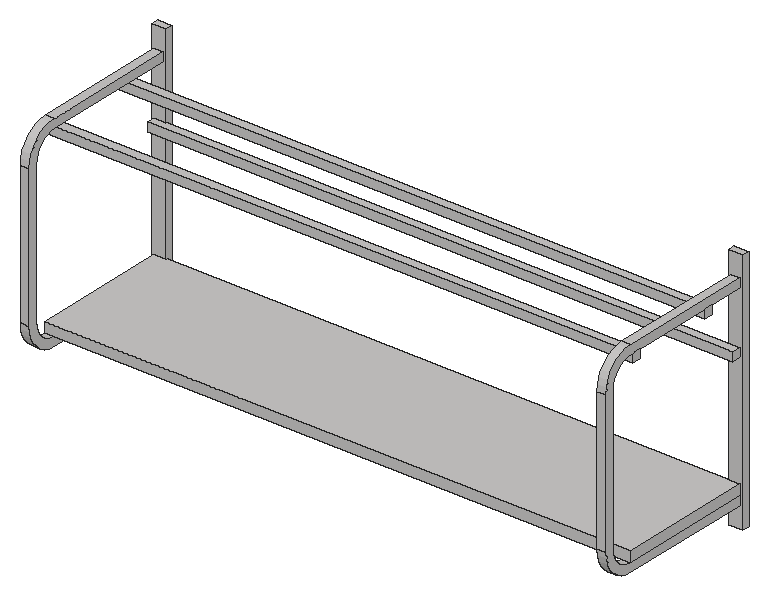
Revit family "QF_ELECTROLUXPROFESSIONAL_864281_DWWS3", category Attrezzature speciali, Revit 2020
Family settings
  Quota connettore circolare = Usa diametro
  Tipo di parte = Normale
  Basato su piano di lavoro = No
  Sempre verticale = Sì
  Taglio con vuoti quando caricato = No
  Condiviso = No
  Punto di calcolo locali = No
Parameters (values of type "Standard")
  Weight = 0.00 kg
  Watts = 0 W
  Volts = 0 V
  URL Manufacturer = ""
  URL = ""
  Steam Supply Size = 0 mm
  Steam Supply Minimum Pressure = 0.0 Pa
  Steam Supply Maximum Pressure = 0.0 Pa
  Steam Consumption per Hour = 0
  Show Clearance [instance] = yes
  Refrigeration Suction Line Size = 0 mm
  Refrigeration Liquid Line Size = 0 mm
  Refrigerant Compressor Remote = yes
  Prospetto di default = 0 mm
  Manufacturer = ""
  Phase = 0
  Model = ""
  Length Actual = 1680 mm  # constant formula
  Item Number = ""
  Hot Water Size = 0 mm
  Height Actual = 700 mm  # constant formula
  HP = ""
  Gas Size = 0 mm
  Gas KW = 0
  Gas Input Pressure = 0 W
  Direct Waste Size = 0 mm
  Description = ""
  Depth Actual = 500 mm  # constant formula
  Cycle = 0 Hz
  Condensate Return Size = 0 mm
  Compressed Air Volume = 0.0 L/s
  Compressed Air Size = 0 mm
  Compressed Air Pressure = 0.0 Pa
  Cold Water Size = 0 mm
  Accessory = yes
Reference planes
  plane 1 "Back": y = 0
  plane 2: z = -16
  plane 3 "FRONT": y = -497
  plane 4 "LEFT": x = -126
  plane 5 "RIGHT": x = 1554
  plane 6: x = 714
  plane 7: y = -248.5
  plane 8 "Sopra": z = 684
  plane 9: z = 384
  plane 10: x = -118.5
  plane 11: x = 1546.5
  plane 12: x = -93.5
  plane 13: x = -86
  plane 14: x = 1521.5
  plane 15: x = 1514
  plane 16: y = -20
  plane 17: y = -45
  plane 18: y = -120
  plane 19: y = -145
  plane 20: y = -375
  plane 21: y = -400
  plane 22: z = 44
  plane 23: z = 69
  plane 24: z = 99
  plane 25: z = 421.5
  plane 26: z = 574
  plane 27: z = 599
  plane 28: z = 624
  plane 29: z = 446.5
  plane 30: y = -400
Forms (mm)
  Extrusion 1, solid, material "QF_Finishes_Stainless Steel"
    sketch origin (0, 250, 0) x (-1, 0, 0) y (0, 0, 1)
      loop
        line (86, -16) -> (126, -16) -> (126, 684) -> (86, 684) -> (86, -16)
    from -270 to -250
  Extrusion 2, solid, material "QF_Finishes_Stainless Steel"
    sketch origin (928, 250, 0) x (1, 0, 0) y (0, 0, -1)
      loop
        line (586, 16) -> (586, -684) -> (626, -684) -> (626, 16) -> (586, 16)
    from -270 to -250
  Extrusion 3, solid, material "QF_Finishes_Stainless Steel"
    sketch origin (0, 0, 0) x (0, 1, 0) y (0, 0, 1)
      loop
        line (-20, 624) -> (-407.392, 624)
        arc (-407.392, 624) -> (-470.754, 597.754) -> (-497, 534.392) r 89.608
        line (-497, 534.392) -> (-497, 133.608)
        arc (-497, 133.608) -> (-470.754, 70.246) -> (-407.392, 44) r 89.608
        line (-407.392, 44) -> (-20, 44) -> (-20, 69) -> (-407.392, 69)
        arc (-407.392, 69) -> (-453.077, 87.923) -> (-472, 133.608) r 64.608
        line (-472, 133.608) -> (-472, 534.392)
        arc (-472, 534.392) -> (-453.077, 580.077) -> (-407.392, 599) r 64.608
        line (-407.392, 599) -> (-20, 599) -> (-20, 624)
    from -118.5 to -93.5
  Extrusion 4, solid, material "QF_Finishes_Stainless Steel"
    sketch origin (928, 0, 0) x (0, 1, 0) y (0, 0, -1)
      loop
        line (-20, -624) -> (-20, -599) -> (-407.392, -599)
        arc (-407.392, -599) -> (-453.077, -580.077) -> (-472, -534.392) r 64.608
        line (-472, -534.392) -> (-472, -133.608)
        arc (-472, -133.608) -> (-453.077, -87.923) -> (-407.392, -69) r 64.608
        line (-407.392, -69) -> (-20, -69) -> (-20, -44) -> (-407.392, -44)
        arc (-407.392, -44) -> (-470.754, -70.246) -> (-497, -133.608) r 89.608
        line (-497, -133.608) -> (-497, -534.392)
        arc (-497, -534.392) -> (-470.754, -597.754) -> (-407.392, -624) r 89.608
        line (-407.392, -624) -> (-20, -624)
    from -618.5 to -593.5
  Extrusion 5, solid, material "QF_Finishes_Stainless Steel"
    sketch origin (0, 0, 0) x (0, 1, 0) y (0, 0, 1)
      loop
        line (-120, 599) -> (-145, 599) -> (-145, 574) -> (-120, 574) -> (-120, 599)
    from -118.5 to 1546.5
  Extrusion 6, solid, material "QF_Finishes_Stainless Steel"
    sketch origin (0, 0, 0) x (0, 1, 0) y (0, 0, 1)
      loop
        line (-375, 599) -> (-400, 599) -> (-400, 574) -> (-375, 574) -> (-375, 599)
    from -118.5 to 1546.5
  Extrusion 7, solid, material "QF_Finishes_Stainless Steel"
    sketch origin (0, 0, 0) x (0, 1, 0) y (0, 0, 1)
      loop
        line (-20, 446.5) -> (-45, 446.5) -> (-45, 421.5) -> (-20, 421.5) -> (-20, 446.5)
    from -118.5 to 1546.5
  Extrusion 8, solid, material "QF_Finishes_Stainless Steel"
    sketch origin (0, 0, 0) x (0, 1, 0) y (0, 0, 1)
      loop
        line (-20, 99) -> (-409.608, 99) -> (-409.608, 69) -> (-20, 69) -> (-20, 99)
    from -118.5 to 1546.5
Dimensions and locks
  plane 4 "LEFT" to plane 5 "RIGHT" = 1680 mm
  plane 3 "FRONT" to plane 1 "Back" = 497 mm
  equal spacing: plane 4 "LEFT", plane 6, plane 5 "RIGHT"
  equal spacing: plane 3 "FRONT", plane 7, plane 1 "Back"
  plane 8 "Sopra" to plane 2 = 700 mm
  plane 10 to plane 11 = 1665 mm
  equal spacing: plane 10, plane 6, plane 11
  locked: plane 10 to plane 12 at 25
  locked: plane 14 to plane 11 at 25
  locked: plane 12 to plane 13 at 7.5
  locked: plane 15 to plane 14 at 7.5
  plane 8 "Sopra" to plane 28 to plane 27 to plane 26 to plane 29 to plane 25 to plane 24 to plane 23 to plane 22 to plane 2 = 60 mm, 25 mm, 25 mm, 127.5 mm, 25 mm, 322.5 mm, 30 mm, 25 mm, 60 mm
  plane 16 to plane 17 to plane 18 to plane 19 to plane 20 to plane 21 = 25 mm locked, 75 mm locked, 25 mm locked, 230 mm locked, 25 mm locked
  locked: plane 16 to plane 30 at 380
  plane 1 "Back" to plane 16 = 20 mm
  aligned and locked: level to plane 2
  aligned and locked: Extrusion 1 sketch curve to level
  aligned and locked: plane 13 to Extrusion 1 sketch curve
  aligned and locked: Extrusion 1 sketch curve to plane 4 "LEFT"
  aligned and locked: plane 8 "Sopra" to Extrusion 1
  aligned and locked: plane 16 to Extrusion 1
  aligned and locked: Extrusion 1 to plane 1 "Back"
  aligned and locked: plane 1 "Back" to Extrusion 1
  aligned and locked: Extrusion 1 to plane 16
  aligned and locked: plane 10 to Extrusion 3
  aligned and locked: plane 12 to Extrusion 3
  aligned and locked: Extrusion 4 to plane 11
  aligned and locked: Extrusion 4 to plane 14
  aligned and locked: Extrusion 2 to plane 5 "RIGHT"
  aligned and locked: Extrusion 2 to plane 15
  aligned and locked: plane 27 to Extrusion 6 sketch curve
  aligned and locked: plane 20 to Extrusion 6 sketch curve
  aligned and locked: Extrusion 6 sketch curve to plane 26
  aligned and locked: Extrusion 6 sketch curve to plane 21
  aligned and locked: plane 26 to Extrusion 5 sketch curve
  aligned and locked: plane 19 to Extrusion 5 sketch curve
  aligned and locked: plane 18 to Extrusion 5 sketch curve
  aligned and locked: Extrusion 5 sketch curve to plane 27
  aligned and locked: plane 29 to Extrusion 7 sketch curve
  aligned and locked: Extrusion 7 sketch curve to plane 16
  aligned and locked: Extrusion 7 sketch curve to plane 25
  aligned and locked: plane 17 to Extrusion 7 sketch curve
  aligned and locked: plane 24 to Extrusion 8 sketch curve
  aligned and locked: Extrusion 8 sketch curve to plane 16
  aligned and locked: Extrusion 8 sketch curve to plane 23
  aligned and locked: Extrusion 3 to plane 23
  aligned and locked: plane 10 to Extrusion 6
  aligned and locked: plane 10 to Extrusion 7
  aligned and locked: plane 10 to Extrusion 5
  aligned and locked: Extrusion 6 to plane 11
  aligned and locked: Extrusion 5 to plane 11
  aligned and locked: Extrusion 7 to plane 11
  aligned and locked: plane 16 to Extrusion 2
  aligned and locked: Extrusion 8 to plane 11
Automatic sketch dimensions
  Extrusion 1 sketch curve to plane 8 "Sopra" = 0 mm
  Extrusion 2 sketch curve to plane 8 "Sopra" = 0 mm
  Extrusion 2 sketch curve to plane 15 = 0 mm
  plane 5 "RIGHT" to Extrusion 2 sketch curve = 0 mm
  Extrusion 2 sketch curve to level = 0 mm
  Extrusion 3 sketch curve to Extrusion 3 sketch curve = 0 mm  (x8)
  Extrusion 3 sketch curve to plane 3 "FRONT" = 0 mm
  Extrusion 3 sketch curve to plane 23 = 0 mm
  Extrusion 3 sketch curve to plane 22 = 0 mm
  Extrusion 3 sketch curve to plane 27 = 0 mm
  Extrusion 3 sketch curve to plane 16 = 0 mm  (x2)
  Extrusion 4 sketch curve to Extrusion 4 sketch curve = 0 mm  (x8)
  Extrusion 4 sketch curve to plane 3 "FRONT" = 0 mm
  plane 23 to Extrusion 4 sketch curve = 0 mm
  plane 22 to Extrusion 4 sketch curve = 0 mm
  Extrusion 4 sketch curve to plane 27 = 0 mm
  Extrusion 4 sketch curve to plane 16 = 0 mm  (x2)
  Extrusion 3 sketch curve to plane 21 = 7.392 mm  (x2)
  Extrusion 4 sketch curve to plane 21 = 7.392 mm  (x2)
  Extrusion 8 sketch curve to plane 21 = 9.608 mm
